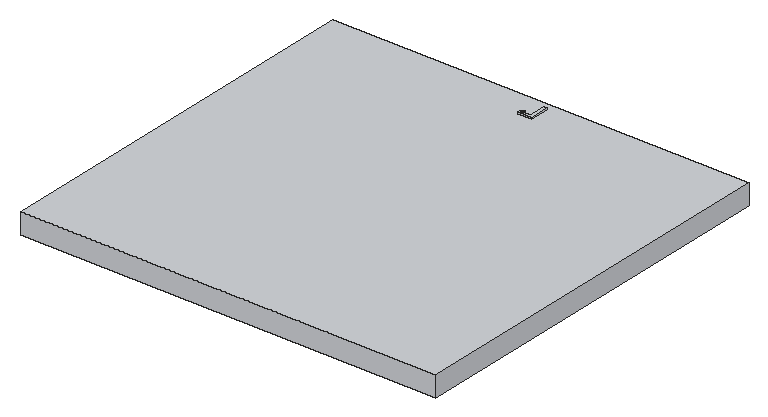
Revit family "Upper_CableCronstein", category Обобщенные модели, Revit 2019
Family settings
  Основа = Грань
  Может служить основой для арматурных стержней = Нет
  Размер круглого соединителя = Использовать диаметр
  Тип детали = Нормальный
  При загрузке вырезать с полостями = Нет
  Общий = Нет
  Точка расчета площади = Нет
Parameters (values of type "UWC1400")
  Default Elevation = 1219.2 mm
  TubingLength = 1400 mm
  MovingFromBase = (TubingLength / 2) - 24 mm  # 676 mm
Types (2, lengths in mm): name | TubingLength | MovingFromBase
  UWC1400 | 1400 | 676
  UWC1200 | 1200 | 576
Reference planes
  plane 1 "По центру (Вперед/Назад)": y = 0
  plane 2: z = 0
  plane 3 "По центру (Влево/Вправо)": x = 0
  plane 4 "1": z = 10
Forms (mm)
  Extrusion 1, solid
    sketch origin (0, 0, 0) x (1, 0, 0) y (0, 1, 0)
      loop
        line (-3200, 2800) -> (-3200, -2920.03) -> (2893.021, -2920.03) -> (2893.021, 2800) -> (-3200, 2800)
    from 0 to -304.8
  Sweep 2, solid
    path origin (0, 0, 0) x (-1, 0, 0) y (0, -1, 0)
      loop
        line (175, -2416.999) -> (-20, -2416.999) -> (-20, -2700)
    profile origin (20, 2558.499, 0) x (-1, 0, 0) y (0, 0, 1)
      loop
        line (0, 0) -> (40, 0) -> (40, 20) -> (0, 20) -> (0, 0)
  Revolve 3, solid
    sketch origin (0, 0, 10) x (0, 1, 0) y (-1, 0, 0)
      loop
        line (2467.648, 150) -> (2502.648, 150) -> (2502.648, 153)
        arc (2502.648, 153) -> (2502.355, 153.707) -> (2501.648, 154) r 1
        line (2501.648, 154) -> (2493.648, 154)
        arc (2493.648, 154) -> (2492.941, 154.293) -> (2492.648, 155) r 1
        line (2492.648, 155) -> (2492.648, 159)
        arc (2492.648, 159) -> (2492.355, 159.707) -> (2491.648, 160) r 1
        line (2491.648, 160) -> (2468.648, 160)
        arc (2468.648, 160) -> (2467.941, 159.707) -> (2467.648, 159) r 1
        line (2467.648, 159) -> (2467.648, 150)
      axis (2467.648, 150) -> (2502.648, 150)
    angle from 0 to 360
  Sweep 4, solid
    path origin (0, 0, 0) x (-1, 0, 0) y (0, -1, 0)
      loop
        line (150, -2467.648) -> (150, -2456.999)
    profile origin (-150, 2462.323, 0) x (1, 0, 0) y (0, 0, 1)
      loop
        circle (0, 10) r 1
Dimensions and locks
  aligned and locked: Extrusion 1 to plane 2
  aligned and locked: Extrusion 1 to level
